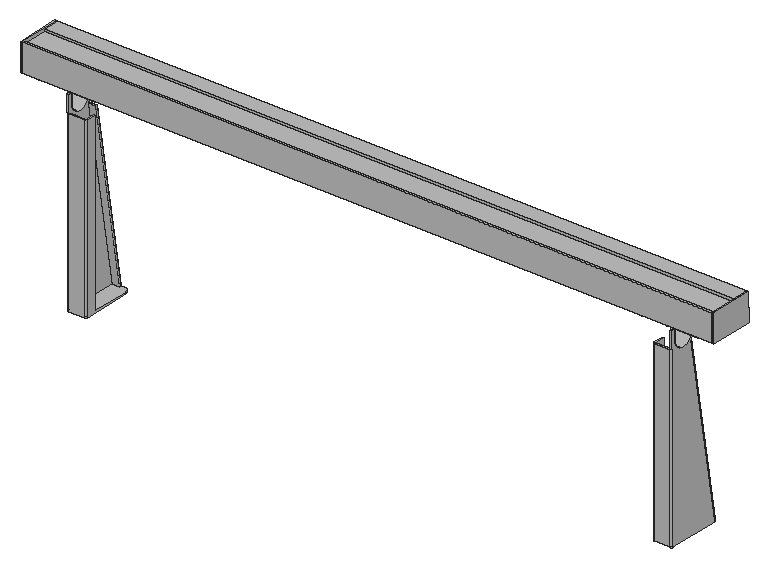
Revit family "4070758+4070747+4070772 Feilo Sylvania Lighting Fixtures CURSUS 876MM 620LM OVAL LED 3K with SINGLE WALL HOUSING with 250MM WALL BRACKET", category Lighting Fixtures, host Face, Revit 2017
Family settings
  Host = Face
  Round Connector Dimension = Use Diameter
  Part Type = Normal
  OmniClass Number = 23.80.70.14
  OmniClass Title = Luminaries for External Lighting
  Cut with Voids When Loaded = Yes
  Light Source = No
  Shared = No
  Room Calculation Point = No
Parameters (values of type "4070758 CURSUS 876MM 620LM OVAL LED 3K")
  Weight = "1.7 kg"
  Wattage Comments = "n/a"
  WarrantyStartDate [instance] = "n/a"
  WarrantyGuarantorParts = "n/a"
  WarrantyDurationUnit = "n/a"
  WarrantyDurationParts = "n/a"
  WarrantyDescription = "n/a"
  Voltage = 24 V
  URL = "http://www.sylvania-lighting.com"
  TypeName = "CURSUS 876MM 620LM OVAL LED 3K"
  TypeFixture_FEILO = CURSUS with SINGLE WALL HOUSING : CURSUS 876MM 620LM OVAL LED 3K
  Type Image = <None>
  Type Comments = "n/a"
  TiltAngle [instance] = 0.00°
  StartAngle [instance] = TiltAngle + 270.00°  # 270.00°
  SerialNumber [instance] = "n/a"
  ReflectorMaterial = none
  PowerFactor = 0
  PowerConsumption = "13.5 W"
  NominalLength = 876 mm
  NominalHeight = 50 mm
  NominalDepth = 30 mm
  Name = "CURSUS 876MM 620LM OVAL LED 3K"
  ModelReference = Name  # "CURSUS 876MM 620LM OVAL LED 3K"
  ModelNumber = "4070758"
  Model = Name  # "CURSUS 876MM 620LM OVAL LED 3K"
  Material = "natural anodised extruded aluminium structure housing, optical system with pmma lenses diffuser"
  ManufacturerName = "Feilo Sylvania"
  Manufacturer = "Feilo Sylvania"
  LuminousEfficacy = "45.92 lm/W"
  LuminaireType = ""
  LightOutputRatio = "100"
  LampsType = Lamp  # "LED"
  LampNominalLuminous = "620 lm"
  LampMacAdamStep = "n/a"
  LampColourTemperature = "3000 K"
  LampColourRenderingIndex = "80"
  Lamp = "LED"
  Keynote = "16500"
  InstallationDate [instance] = "n/a"
  InputVoltage = "24V DC"
  InputNominalFrequency = "50/60 Hz"
  IngressProtection = "IP67"
  ImpactProtectionIndex = "IK07"
  IfcExportType = "IfcLightFixtureType"
  IfcExportAs = "IfcLightFixtureType"
  ExpectedLife = 50000
  EndAngle [instance] = StartAngle - 180.00°  # 90.00°
  ElectricShockClassification = "Class III"
  DurationUnit = "hours"
  DocumentationLiterature = "http://www.sylvania-lighting.com/product/en-int/products/4070758"
  DimmingControlOptions = "n/a"
  DiffuserMaterial = Diffuser-Sylvania-Glow
  Description = "LED Exterior Lighting Recessed Surface Mounted Linear Fixture, Natural anodised extruded aluminium structure. Die-cast aluminium end caps. Installation kit with harmonic steel springs., 620 lm, 13,5W, 45lm/W, 3000K, CRI80+,non dimmable,IP67, IK07, (HxWxD) 876x50x30mm, 3 step Mac Adam Ellipse, 1.7kg,, Classe III, 21-25V-DC, energy class : A++, A+, A"
  Default Elevation = 1219.2 mm
  CreatedOn = "1/8/2018"
  CreatedBy = ""
  Cost = 0
  built-in parameter 1114216 [instance] = (empty or 0)
  ClassificationValue = "EF_70_80"
  ClassificationName = "Uniclass2015"
  BracketWidth = 24 mm
  BracketThickness = 2 mm
  BracketHeightEnd = 32 mm
  BracketHeight = 70 mm
  BracketFlange = BracketHeight / 5  # 14 mm
  BracketExtension = 250 mm
  BracketEndReduction = 25 mm
  BracketC = 22 mm  # constant formula
  BracketDistance = 745 mm
  BracketD = BracketHeightEnd - (BracketC * (BracketHeight - BracketHeightEnd) / (BracketExtension - BracketEndReduction))  # 28.284 mm
  BodyMaterial = Body-Sylvania-Gray
  BarCode [instance] = "n/a"
  AssetType = "Fixed"
  AssetIdentifier [instance] = "n/a"
  Assembly Code = "D5020200"
  Apparent Load = 13.5 VA
  AccessoryMaterial = Diffuser-Sylvania-Glow
Reference planes
  plane 1 "Center (Front/Back)": y = 0
  plane 2: z = 0
  plane 3 "Center (Left/Right)": x = 0
  plane 4: x = -384.5
  plane 5: x = 384.5
  plane 6: y = 70
  plane 7: x = -360.5
  plane 8: x = 360.5
  plane 9: z = 250
  plane 10: z = 236
  plane 11: z = 2
  plane 12: z = 225
  plane 13: x = -382.5
  plane 14: y = 68
  plane 15: y = 2
  plane 16: x = -362.5
  plane 17: x = 362.5
  plane 18: x = 382.5
  plane 19: x = -372.5
  plane 20: x = 372.5
  plane 21: y = 14
  plane 22: y = 32
  plane 23: y = 30
  plane 24: z = 247
  plane 25: y = 28.284
  plane 26: y = 16
Forms (mm)
  Blend 1, solid, material "Body-Sylvania-Gray" <- "BodyMaterial"
    base sketch origin (1223.4, -4572, 2) x (0, -1, 0) y (1, 0, 0)
      loop
        line (-4640, -1595.9) -> (-4642, -1595.9) -> (-4642, -1605.9)
        arc (-4642, -1605.9) -> (-4641.414, -1607.314) -> (-4640, -1607.9) r 2
        line (-4640, -1607.9) -> (-4574, -1607.9)
        arc (-4574, -1607.9) -> (-4572.586, -1607.314) -> (-4572, -1605.9) r 2
        line (-4572, -1605.9) -> (-4572, -1585.9)
        arc (-4572, -1585.9) -> (-4572.586, -1584.486) -> (-4574, -1583.9) r 2
        line (-4574, -1583.9) -> (-4586, -1583.9) -> (-4586, -1585.9) -> (-4574, -1585.9) -> (-4574, -1605.9) -> (-4640, -1605.9) -> (-4640, -1595.9)
    top sketch origin (1223.4, -4572, 2) x (0, -1, 0) y (1, 0, 0)
      loop
        line (-4586, -1585.9) -> (-4574, -1585.9) -> (-4574, -1605.9) -> (-4602, -1605.9) -> (-4602, -1595.9) -> (-4604, -1595.9) -> (-4604, -1605.9)
        arc (-4604, -1605.9) -> (-4603.52, -1607.21) -> (-4602.309, -1607.9) r 2.028
        line (-4602.309, -1607.9) -> (-4574, -1607.9)
        arc (-4574, -1607.9) -> (-4572.586, -1607.314) -> (-4572, -1605.9) r 2
        line (-4572, -1605.9) -> (-4572, -1585.9)
        arc (-4572, -1585.9) -> (-4572.586, -1584.486) -> (-4574, -1583.9) r 2
        line (-4574, -1583.9) -> (-4586, -1583.9) -> (-4586, -1585.9)
    from 0 to 223
  Extrusion 2, solid, material "Body-Sylvania-Gray" <- "BodyMaterial"
    sketch origin (0, 0, 0) x (1, 0, 0) y (0, 1, 0)
      loop
        arc (-382.5, 70) -> (-383.914, 69.414) -> (-384.5, 68) r 2
        line (-384.5, 68) -> (-384.5, 2)
        arc (-384.5, 2) -> (-383.914, 0.586) -> (-382.5, 0) r 2
        line (-382.5, 0) -> (-362.5, 0)
        arc (-362.5, 0) -> (-361.086, 0.586) -> (-360.5, 2) r 2
        line (-360.5, 2) -> (-360.5, 62.5)
        arc (-360.5, 62.5) -> (-362.697, 67.803) -> (-368, 70) r 7.5
        line (-368, 70) -> (-382.5, 70)
      loop
        line (382.5, 70) -> (368, 70)
        arc (368, 70) -> (362.697, 67.803) -> (360.5, 62.5) r 7.5
        line (360.5, 62.5) -> (360.5, 2)
        arc (360.5, 2) -> (361.086, 0.586) -> (362.5, 0) r 2
        line (362.5, 0) -> (382.5, 0)
        arc (382.5, 0) -> (383.914, 0.586) -> (384.5, 2) r 2
        line (384.5, 2) -> (384.5, 68)
        arc (384.5, 68) -> (383.914, 69.414) -> (382.5, 70) r 2
    from 0 to 2
  Blend 3, solid, material "Body-Sylvania-Gray" <- "BodyMaterial"
    base sketch origin (1223.4, -4572, 2) x (0, -1, 0) y (1, 0, 0)
      loop
        line (-4640, -840.9) -> (-4574, -840.9) -> (-4574, -860.9) -> (-4586, -860.9) -> (-4586, -862.9) -> (-4574, -862.9)
        arc (-4574, -862.9) -> (-4572.586, -862.314) -> (-4572, -860.9) r 2
        line (-4572, -860.9) -> (-4572, -840.9)
        arc (-4572, -840.9) -> (-4572.586, -839.486) -> (-4574, -838.9) r 2
        line (-4574, -838.9) -> (-4640, -838.9)
        arc (-4640, -838.9) -> (-4641.414, -839.486) -> (-4642, -840.9) r 2
        line (-4642, -840.9) -> (-4642, -850.9) -> (-4640, -850.9) -> (-4640, -840.9)
    top sketch origin (1223.4, -4572, 2) x (0, -1, 0) y (1, 0, 0)
      loop
        line (-4602, -850.9) -> (-4602, -840.9) -> (-4574, -840.9) -> (-4574, -860.9) -> (-4586, -860.9) -> (-4586, -862.9) -> (-4574, -862.9)
        arc (-4574, -862.9) -> (-4572.586, -862.314) -> (-4572, -860.9) r 2
        line (-4572, -860.9) -> (-4572, -840.9)
        arc (-4572, -840.9) -> (-4572.586, -839.486) -> (-4574, -838.9) r 2
        line (-4574, -838.9) -> (-4602, -838.9)
        arc (-4602, -838.9) -> (-4603.414, -839.486) -> (-4604, -840.9) r 2
        line (-4604, -840.9) -> (-4604, -850.9) -> (-4602, -850.9)
    from 0 to 223
  Blend 4, solid, material "Body-Sylvania-Gray" <- "BodyMaterial"
    base sketch origin (1223.4, -4572, 225) x (0, -1, 0) y (1, 0, 0)
      loop
        line (-4604, -1607.9) -> (-4572, -1607.9) -> (-4572, -1605.9) -> (-4604, -1605.9) -> (-4604, -1607.9)
    top sketch origin (1223.4, -4572, 225) x (0, -1, 0) y (1, 0, 0)
      loop
        line (-4572, -1607.9) -> (-4572, -1605.9) -> (-4600.284, -1605.9) -> (-4600.284, -1607.9) -> (-4572, -1607.9)
    from 0 to 22
  Blend 5, solid, material "Body-Sylvania-Gray" <- "BodyMaterial"
    base sketch origin (1223.4, -4572, 225) x (0, -1, 0) y (1, 0, 0)
      loop
        line (-4604, -840.9) -> (-4572, -840.9) -> (-4572, -838.9) -> (-4604, -838.9) -> (-4604, -840.9)
    top sketch origin (1223.4, -4572, 225) x (0, -1, 0) y (1, 0, 0)
      loop
        line (-4572, -838.9) -> (-4600.284, -838.9) -> (-4600.284, -840.9) -> (-4572, -840.9) -> (-4572, -838.9)
    from 0 to 22
  Extrusion 6, void
    sketch origin (0, 0, 0) x (0, 1, 0) y (0, 0, 1)
      loop
        line (0, 225) -> (2, 225) -> (2, 226.5) -> (0, 226.5) -> (0, 225)
      loop
        line (32, 225) -> (32, 226.5) -> (30, 226.5) -> (30, 225) -> (32, 225)
    from -384.5 to 384.5
  Revolve 7, solid, not visible
    sketch origin (1524, 16, 1219.2) x (1, 0, 0) y (0, 0, 1)
      loop
        line (-1524, -972.2) -> (-1524, -983.2) -> (-1151.5, -983.2) -> (-1151.5, -972.2) -> (-1524, -972.2)
      axis (-1151.5, -983.2) -> (-1524, -983.2)
    angle from 270 <- "StartAngle" to 90 <- "EndAngle"
Cuts and joins
  Extrusion 6 cuts Blend 4
  Extrusion 6 cuts Blend 5
  joined: Blend 1, Extrusion 2, Blend 3, Blend 4, Blend 5
Lines and regions (mm)
  reference lines, not visible
    curve 1: line (-360.5, 16, 236) -> (360.5, 16, 236)
Dimensions and locks
  equal spacing: plane 4, plane 3 "Center (Left/Right)", plane 5
  "BracketDistance": plane 19 to plane 20
  "BracketHeight": plane 1 "Center (Front/Back)" to plane 6
  equal spacing: plane 7, plane 3 "Center (Left/Right)", plane 8
  "BracketWidth": plane 4 to plane 7
  "BracketExtension": plane 9 to plane 2
  "BracketThickness": plane 11 to plane 2
  "BracketEndReduction": plane 9 to plane 12
  equal spacing: plane 13, plane 3 "Center (Left/Right)", plane 18
  equal spacing: plane 16, plane 3 "Center (Left/Right)", plane 17
  "BracketThickness": plane 4 to plane 13
  "BracketThickness": plane 16 to plane 7
  "BracketThickness": plane 14 to plane 6
  "BracketThickness": plane 1 "Center (Front/Back)" to plane 15
  equal spacing: plane 4, plane 19, plane 7
  equal spacing: plane 8, plane 20, plane 5
  "BracketFlange": plane 1 "Center (Front/Back)" to plane 21
  "BracketHeightEnd": plane 1 "Center (Front/Back)" to plane 22
  "BracketThickness": plane 23 to plane 22
  locked: Extrusion 2 sketch curve to plane 7 at 7.5
  locked: Extrusion 2 sketch curve to plane 6 at 7.5  (x2)
  locked: plane 8 to Extrusion 2 sketch curve at 7.5
  "BracketC": plane 24 to plane 12
  "BracketD": plane 1 "Center (Front/Back)" to plane 25
  locked: plane 12 to Extrusion 6 sketch curve at 1.5
  equal spacing: plane 24, plane 10, plane 12
  equal spacing: plane 1 "Center (Front/Back)", plane 26, plane 22
  aligned and locked: plane 2 to host face
  aligned and locked: level to host face
  aligned and locked: plane 4 to Blend 1 sketch curve  (x2)
  aligned and locked: plane 13 to Blend 1 sketch curve  (x3)
  aligned and locked: Blend 1 sketch curve to plane 15
  aligned and locked: Blend 1 sketch curve to plane 16
  aligned and locked: Blend 1 sketch curve to plane 21
  aligned and locked: plane 7 to Blend 1 sketch curve
  aligned and locked: plane 16 to Blend 1 sketch curve
  aligned and locked: plane 1 "Center (Front/Back)" to Blend 1 sketch curve
  aligned and locked: plane 14 to Blend 1 sketch curve
  aligned and locked: Blend 1 sketch curve to var sketch  (x6)
  aligned and locked: Blend 1 sketch curve to plane 19
  aligned and locked: Blend 1 sketch curve to plane 22
  aligned and locked: plane 23 to Blend 1 sketch curve
  aligned and locked: plane 11 to Blend 1
  aligned and locked: Extrusion 2 sketch curve to Blend 1  (x3)
  aligned and locked: Extrusion 2 to level
  aligned and locked: Extrusion 2 to plane 11
  aligned and locked: Extrusion 2 sketch curve to plane 7
  aligned and locked: plane 18 to Blend 3 sketch curve  (x4)
  aligned and locked: plane 14 to Blend 3 sketch curve  (x2)
  aligned and locked: Blend 3 sketch curve to plane 20
  aligned and locked: Blend 3 sketch curve to plane 6
  aligned and locked: plane 5 to Blend 3 sketch curve
  aligned and locked: plane 1 "Center (Front/Back)" to Blend 3 sketch curve
  aligned and locked: plane 15 to Blend 3 sketch curve  (x2)
  aligned and locked: Blend 3 sketch curve to plane 8
  aligned and locked: Blend 3 sketch curve to plane 21
  aligned and locked: plane 17 to Blend 3 sketch curve
  aligned and locked: Blend 3 sketch curve to plane 18
  aligned and locked: plane 20 to Blend 3 sketch curve  (x2)
  aligned and locked: Blend 3 sketch curve to plane 23
  aligned and locked: Blend 3 sketch curve to var sketch  (x8)
  aligned and locked: var sketch to Blend 3 sketch curve
  aligned and locked: plane 22 to Blend 3 sketch curve
  aligned and locked: plane 11 to Blend 3
  aligned and locked: Extrusion 2 sketch curve to Blend 3  (x4)
  aligned and locked: Blend 1 to plane 12
  aligned and locked: Blend 3 to plane 12
  aligned and locked: Blend 4 sketch curve to plane 22
  aligned and locked: Blend 4 sketch curve to cut or joined group of Blend 1, Extrusion 2, Blend 3, Blend 4, Blend 5, Extrusion 6  (x2)
  aligned and locked: cut or joined group of Blend 1, Extrusion 2, Blend 3, Blend 4, Blend 5, Extrusion 6 to Blend 4 sketch curve
  aligned and locked: Blend 4 sketch curve to var sketch  (x2)
  aligned and locked: Blend 4 sketch curve to plane 13
  aligned and locked: Blend 4 to plane 24
  aligned and locked: Blend 4 sketch curve to plane 25
  aligned and locked: Blend 5 sketch curve to plane 18  (x2)
  aligned and locked: plane 1 "Center (Front/Back)" to Blend 5 sketch curve
  aligned and locked: plane 5 to Blend 5 sketch curve
  aligned and locked: plane 22 to Blend 5 sketch curve
  aligned and locked: Blend 5 sketch curve to var sketch
  aligned and locked: var sketch to Blend 5 sketch curve
  aligned and locked: Blend 5 sketch curve to plane 25
  aligned and locked: Blend 5 to plane 24
  aligned and locked: plane 12 to Blend 5
  aligned and locked: Extrusion 6 sketch curve to cut or joined group of Blend 1, Extrusion 2, Blend 3, Blend 4, Blend 5, Extrusion 6  (x2)
  aligned and locked: Extrusion 6 sketch curve to Extrusion 6 sketch curve
  aligned and locked: Extrusion 6 sketch curve to plane 15
  aligned and locked: plane 5 to Extrusion 6
  aligned and locked: Extrusion 6 to plane 4
  aligned and locked: Extrusion 6 sketch curve to plane 23
  aligned and locked: Revolve 7 sketch curve to plane 10  (x2)
  aligned and locked: plane 24 to Revolve 7 sketch curve
  aligned and locked: plane 3 "Center (Left/Right)" to Revolve 7 sketch curve
  aligned and locked: Revolve 7 sketch curve to plane 20
  aligned and locked: plane 7 to curve 1
  aligned and locked: plane 10 to curve 1
  aligned and locked: nested 1 to plane 5
  aligned and locked: nested 2 to plane 4
  aligned and locked: nested 1 to curve 1
  aligned and locked: nested 2 to curve 1
  aligned and locked: nested 1 to nested 3
  aligned and locked: nested 3 to plane 3 "Center (Left/Right)"
Automatic sketch dimensions
  host sketch curve to host sketch curve = 2438.4 mm  (x2)
  Blend 1 sketch curve to plane 13 = 0 mm
  plane 15 to Blend 1 sketch curve = 0 mm  (x3)
  Blend 1 sketch curve to plane 23 = 0.309 mm
  plane 6 to Blend 1 sketch curve = 0 mm
  plane 14 to Blend 1 sketch curve = 0 mm
  Blend 1 sketch curve to plane 19 = 0 mm
  Blend 3 sketch curve to plane 17 = 0 mm
  Extrusion 6 sketch curve to plane 1 "Center (Front/Back)" = 0 mm
  plane 12 to Extrusion 6 sketch curve = 0 mm
  Revolve 7 sketch curve to plane 4 = 1153 mm
  plane 5 to Revolve 7 sketch curve = 1161.4 mm
  curve 1 to plane 8 = 0 mm
Nested families
  nested 1: "MountingPlate" at (383.5, 16, 236) x (-1, 0, 0) z (0, 0, 1), type "MountingPlate"
  nested 2: "MountingPlate" at (-383.5, 16, 236) x (-1, 0, 0) z (0, 0, 1), type "MountingPlate"
  nested 3: "CURSUS with SINGLE WALL HOUSING" at (0, -4, 254) x (-1, 0, 0) z (0, 0, 1), type <- "TypeFixture_FEILO", type "CURSUS 876MM 620LM OVAL LED 3K"
    with WarrantyStartDate "n/a", SerialNumber "n/a", InstallationDate "n/a", EndCapRight yes, EndCapLeft yes, built-in parameter 1114216 (empty or 0), BarCode "n/a", AssetIdentifier "n/a"
Connectors
  electrical at (0, 0, 0), driven by "Voltage", driven by "Apparent Load", driven by "PowerFactor"
    settings: index 1, voltage 24 V, apparent load 13.5 VA, apparent load phase1 0 VA, apparent load phase2 0 VA, apparent load phase3 0 VA, power factor 0, load classification "Other", number of poles 1, system type 30, power factor state 1, is connector primary yes, connector utility no, sub classification motor no, connector description ""
Definition of nested family "MountingPlate"
  Parameters (values of type "MountingPlate")
    URL = "http://www.feilosylvania.com"
    Type Comments = "n/a"
    ReflectorMaterial = none
    MountingPlateWidth = 76 mm
    MountingPlateThickness = 2 mm
    MountingPlateRadiusBack = 12 mm
    MountingPlateRadius = 3 mm
    MountingPlateHeight = 35 mm
    Model = "n/a"
    Manufacturer = "Feilo Sylvania"
    Keynote = "n/a"
    DiffuserMaterial = none
    Description = "n/a"
    Default Elevation = 1219.2 mm
    Cost = 0
    BodyMaterial = none
    Assembly Code = "n/a"
    AccessoryMaterial = none
  Reference planes
    plane 1 "Center (Front/Back)": y = 0
    plane 2: z = 0
    plane 3 "Center (Left/Right)": x = 0
    plane 4: x = -38
    plane 5: x = 38
    plane 6: y = 17.5
    plane 7: y = -17.5
    plane 8: x = -3
    plane 9: x = 3
    plane 10: z = 18
    plane 11: z = 16
    plane 12: y = 12.5
    plane 13: y = -12.5
    plane 14: x = -1
    plane 15: x = 1
    plane 16: z = -12.5
    plane 17: z = -14.5
  Forms (mm)
    Extrusion 1, solid
      sketch origin (1.653, 0, 0) x (1, 0, 0) y (0, 1, 0)
        loop
          line (-1219.2, 1219.2) -> (-1219.2, -1219.2) -> (1219.2, -1219.2) -> (1219.2, 1219.2) -> (-1219.2, 1219.2)
      from 0 to -304.8
    Extrusion 2, solid, material <- "BodyMaterial"
      sketch origin (1218.4, -4572, 16) x (0, -1, 0) y (-1, 0, 0)
        loop
          line (-4589.5, 1253.4) -> (-4589.5, 1224.4)
          arc (-4589.5, 1224.4) -> (-4588.621, 1222.279) -> (-4586.5, 1221.4) r 3
          line (-4586.5, 1221.4) -> (-4557.5, 1221.4)
          arc (-4557.5, 1221.4) -> (-4555.379, 1222.279) -> (-4554.5, 1224.4) r 3
          line (-4554.5, 1224.4) -> (-4554.5, 1253.4)
          arc (-4554.5, 1253.4) -> (-4555.379, 1255.521) -> (-4557.5, 1256.4) r 3
          line (-4557.5, 1256.4) -> (-4586.5, 1256.4)
          arc (-4586.5, 1256.4) -> (-4588.621, 1255.521) -> (-4589.5, 1253.4) r 3
        loop
          arc (-4589.5, 1183.4) -> (-4588.621, 1181.279) -> (-4586.5, 1180.4) r 3
          line (-4586.5, 1180.4) -> (-4557.5, 1180.4)
          arc (-4557.5, 1180.4) -> (-4555.379, 1181.279) -> (-4554.5, 1183.4) r 3
          line (-4554.5, 1183.4) -> (-4554.5, 1212.4)
          arc (-4554.5, 1212.4) -> (-4555.379, 1214.521) -> (-4557.5, 1215.4) r 3
          line (-4557.5, 1215.4) -> (-4586.5, 1215.4)
          arc (-4586.5, 1215.4) -> (-4588.621, 1214.521) -> (-4589.5, 1212.4) r 3
          line (-4589.5, 1212.4) -> (-4589.5, 1183.4)
      from 0 to -2
    Extrusion 3, solid, material <- "BodyMaterial"
      sketch origin (0, 0, 0) x (1, 0, 0) y (0, 0, 1)
        loop
          line (-3, 18) -> (-3, -12.5) -> (-1, -12.5) -> (-1, 16)
          arc (-1, 16) -> (-1.586, 17.414) -> (-3, 18) r 2
        loop
          line (3, -12.5) -> (3, 18)
          arc (3, 18) -> (1.586, 17.414) -> (1, 16) r 2
          line (1, 16) -> (1, -12.5) -> (3, -12.5)
      from -12.5 to 12.5
    Extrusion 4, void
      sketch origin (0, 0, 0) x (0, 1, 0) y (0, 0, 1)
        loop
          line (-12.5, -0.5) -> (-17.5, -0.5) -> (-17.5, -14.5) -> (-0.5, -14.5) -> (-0.5, -12.5)
          arc (-0.5, -12.5) -> (-8.985, -8.985) -> (-12.5, -0.5) r 12
        loop
          line (0.5, -12.5) -> (0.5, -14.5) -> (17.5, -14.5) -> (17.5, -0.5) -> (12.5, -0.5)
          arc (12.5, -0.5) -> (8.985, -8.985) -> (0.5, -12.5) r 12
      from -3 to 3
  Cuts and joins
    Extrusion 4 cuts Extrusion 2
    Extrusion 4 cuts Extrusion 3
    joined: Extrusion 2, Extrusion 3
  Lines and regions (mm)
    reference lines
      curve 1: line (-38, 0, 0) -> (38, 0, 0)
  Dimensions and locks
    equal spacing: plane 4, plane 3 "Center (Left/Right)", plane 5
    "MountingPlateWidth": plane 4 to plane 5
    equal spacing: plane 7, plane 1 "Center (Front/Back)", plane 6
    "MountingPlateHeight": plane 7 to plane 6
    equal spacing: plane 8, plane 3 "Center (Left/Right)", plane 9
    "MountingPlateHeight": plane 4 to plane 8
    locked: plane 10 to plane 2 at 18
    "MountingPlateThickness": plane 10 to plane 11
    equal spacing: plane 13, plane 1 "Center (Front/Back)", plane 12
    locked: plane 13 to plane 12 at 25
    "MountingPlateRadius": plane 4 to Extrusion 2 sketch curve  (x2)
    "MountingPlateRadius": Extrusion 2 sketch curve to plane 6  (x4)
    "MountingPlateRadius": Extrusion 2 sketch curve to plane 8  (x2)
    "MountingPlateRadius": plane 7 to Extrusion 2 sketch curve  (x4)
    "MountingPlateRadius": plane 9 to Extrusion 2 sketch curve  (x2)
    "MountingPlateRadius": Extrusion 2 sketch curve to plane 5  (x2)
    equal spacing: plane 15, plane 3 "Center (Left/Right)", plane 14
    "MountingPlateThickness": plane 14 to plane 8
    locked: plane 2 to plane 16 at 12.5
    locked: plane 17 to plane 16 at 2
    "MountingPlateRadiusBack": plane 13 to Extrusion 4 sketch curve
    "MountingPlateRadiusBack": plane 16 to Extrusion 4 sketch curve  (x2)
    "MountingPlateRadiusBack": Extrusion 4 sketch curve to plane 12
    aligned and locked: plane 2 to Extrusion 1
    aligned and locked: level to Extrusion 1
    aligned and locked: Extrusion 2 sketch curve to plane 6
    aligned and locked: Extrusion 2 sketch curve to plane 4
    aligned and locked: plane 7 to Extrusion 2 sketch curve
    aligned and locked: plane 8 to Extrusion 2 sketch curve
    aligned and locked: plane 6 to Extrusion 2 sketch curve
    aligned and locked: Extrusion 2 sketch curve to plane 5
    aligned and locked: Extrusion 2 sketch curve to plane 7
    aligned and locked: plane 9 to Extrusion 2 sketch curve
    aligned and locked: Extrusion 2 to plane 10
    aligned and locked: plane 11 to Extrusion 2
    aligned and locked: Extrusion 3 sketch curve to Extrusion 2  (x2)
    aligned and locked: plane 16 to Extrusion 3 sketch curve  (x2)
    aligned and locked: plane 14 to Extrusion 3 sketch curve
    aligned and locked: plane 9 to Extrusion 3 sketch curve
    aligned and locked: plane 15 to Extrusion 3 sketch curve
    aligned and locked: Extrusion 3 to plane 12
    aligned and locked: plane 13 to Extrusion 3
    aligned and locked: plane 17 to Extrusion 4 sketch curve  (x2)
    aligned and locked: Extrusion 4 sketch curve to plane 7
    aligned and locked: Extrusion 4 sketch curve to plane 6
    aligned and locked: plane 9 to Extrusion 4
    aligned and locked: Extrusion 4 to plane 8
    aligned and locked: plane 4 to curve 1
    aligned and locked: curve 1 to level
  Automatic sketch dimensions
    Extrusion 1 sketch curve to Extrusion 1 sketch curve = 2438.4 mm  (x2)
    Extrusion 3 sketch curve to plane 11 = 0 mm
    curve 1 to plane 5 = 0 mm
    Extrusion 4 sketch curve to plane 13 = 0 mm
    Extrusion 4 sketch curve to plane 12 = 0 mm
Definition of nested family "CURSUS with SINGLE WALL HOUSING"
  Parameters (values of type "CURSUS 1161MM 827LM OVAL LED 3K")
    Width_FEILO = 35 mm
    Weight = "2.2 kg"
    Wattage Comments = "n/a"
    Wattage = 18 W
    WarrantyStartDate [instance] = "n/a"
    WarrantyGuarantorParts = "n/a"
    WarrantyDurationUnit = "n/a"
    WarrantyDurationParts = "n/a"
    WarrantyDescription = "n/a"
    WallThickness_FEILO = 2.5 mm
    built-in parameter 1150110 = 1 (stored number, unit not read)
    Voltage = 24 V
    URL = "http://www.feilosylvania.com"
    TypeName = "CURSUS 1161MM 827LM OVAL LED 3K"
    Type Image = (empty or 0)
    Type Comments = "n/a"
    built-in parameter 1114217 = 1 (stored number, unit not read)
    Tilt Angle = -90.00°
    built-in parameter 1150109 = 1 (stored number, unit not read)
    built-in parameter 1150134 = (empty or 0)
    built-in parameter 1150113 = 1 (stored number, unit not read)
    SerialNumber [instance] = "n/a"
    ReflectorMaterial = none
    PowerFactor = 0
    PowerConsumption = "18 W"
    Photometric Web File = "4070765.ies"
    NominalLength = 1161 mm
    NominalHeight = 50 mm
    NominalDepth = 30 mm
    Name = "CURSUS 1161MM 827LM OVAL LED 3K"
    ModelReference = Name  # "CURSUS 1161MM 827LM OVAL LED 3K"
    ModelNumber = ""
    Model = Name  # "CURSUS 1161MM 827LM OVAL LED 3K"
    Material = "natural anodised extruded aluminium structure housing, optical system with pmma lenses diffuser"
    ManufacturerName = "Feilo Sylvania"
    Manufacturer = "Feilo Sylvania"
    LuminousEfficacy = "45.94 lm/W"
    built-in parameter 1150105 = 1166.5 (stored number, unit not read)
    Lumens = 827 lm
    LuminaireType = ""
    built-in parameter 1150115 = 1 (stored number, unit not read)
    LightOutputRatio = "100"
    built-in parameter 1150137 = (empty or 0)
    built-in parameter 1150139 = (empty or 0)
    Length_FEILO = 1167 mm
    LampsType = Lamp  # "LED"
    LampNominalLuminous = "827 lm"
    LampMacAdamStep = "n/a"
    LampColourTemperature = "3000 K"
    LampColourRenderingIndex = "80"
    built-in parameter 1150112 = 1 (stored number, unit not read)
    built-in parameter 1150114 = 1 (stored number, unit not read)
    Lamp = "LED"
    Keynote = "16500"
    InstallationDate [instance] = "n/a"
    InputVoltage = "24V DC"
    InputNominalFrequency = "n/a"
    built-in parameter 1150132 = (empty or 0)
    built-in parameter 1150102 = (empty or 0)
    built-in parameter 1150107 = 3000 (stored number, unit not read)
    built-in parameter 1150138 = (empty or 0)
    IngressProtection = "IP67"
    ImpactProtectionIndex = "IK07"
    built-in parameter 1150106 = 11.665 (stored number, unit not read)
    IfcExportType = "IfcLightFixtureType"
    IfcExportAs = "IfcLightFixtureType"
    ExpectedLife = 50000
    EndCapRight [instance] = yes
    EndCapLeft [instance] = yes
    Emit from Rectangle Width = Width_FEILO - WallThickness_FEILO * 2  # 30 mm
    Emit from Rectangle Length = Length_FEILO - WallThickness_FEILO * 2  # 1162 mm
    Emit Shape Visible in Rendering = no
    ElectricShockClassification = "Class III"
    built-in parameter 1150104 = 4.2684 (stored number, unit not read)
    DurationUnit = "hours"
    DocumentationLiterature = "http://www.feilosylvania.com/product/en-int/products/4070765"
    DimmingControlOptions = "n/a"
    Dimming Lamp Color Temperature Shift = (empty or 0)
    DiffuserMaterial = none
    Description = "LED Exterior Lighting Recessed Surface Mounted Linear Fixture, Natural anodised extruded aluminium structure. Die-cast aluminium end caps. Installation kit with harmonic steel springs., 827 lm, 18W, 45lm/W, 3000K, CRI80+,non dimmable,IP67, IK07, (HxWxD) 1161x50x30mm, 3 step Mac Adam Ellipse, 2.2kg,, Classe III, 21-25V-DC, energy class : A++, A+, A"
    Default Elevation = 1219.2 mm
    CreatedOn = "1/8/2018"
    CreatedBy = "aron.fodor@feilosylvania.com"
    Cost = 0
    Color Filter = 16777215
    built-in parameter 1114216 [instance] = (empty or 0)
    ClassificationValue = "EF_70_80"
    ClassificationName = "Uniclass2015"
    BodyMaterial = none
    BarCode [instance] = "n/a"
    built-in parameter 1114218 = 1 (stored number, unit not read)
    built-in parameter 1150133 = 10 (stored number, unit not read)
    AssetType = "Fixed"
    AssetIdentifier [instance] = "n/a"
    Assembly Code = "D5020200"
    Apparent Load = 18 VA
    AccessoryMaterial = none
  Types (16, lengths in mm): name | Weight | Wattage | Voltage | TypeName | built-in parameter 1150134 | PowerConsumption | Photometric Web File | NominalLength | Name | ModelReference | Model | Material | LuminousEfficacy | built-in parameter 1150105 | Lumens | Length_FEILO | LampNominalLuminous | LampColourTemperature | InputVoltage | InputNominalFrequency | built-in parameter 1150107 | built-in parameter 1150106 | Emit from Rectangle Length | built-in parameter 1150104 | DocumentationLiterature | Description | Apparent Load
    CURSUS 1161MM 827LM OVAL LED 3K | "2.2 kg" | 18 W | 24 V | "CURSUS 1161MM 827LM OVAL LED 3K" | (empty or 0) | "18 W" | "4070765.ies" | 1161 | "CURSUS 1161MM 827LM OVAL LED 3K" | "CURSUS 1161MM 827LM OVAL LED 3K" | "CURSUS 1161MM 827LM OVAL LED 3K" | "natural anodised extruded aluminium structure housing, optical system with pmma lenses diffuser" | "45.94 lm/W" | 1166.5 (stored number, unit not read) | 827 lm | 1167 | "827 lm" | "3000 K" | "24V DC" | "n/a" | 3000 (stored number, unit not read) | 11.665 (stored number, unit not read) | 1162 | 4.2684 (stored number, unit not read) | "http://www.feilosylvania.com/product/en-int/products/4070765" | "LED Exterior Lighting Recessed Surface Mounted Linear Fixture, Natural anodised extruded aluminium structure. Die-cast aluminium end caps. Installation kit with harmonic steel springs., 827 lm, 18W, 45lm/W, 3000K, CRI80+,non dimmable,IP67, IK07, (HxWxD) 1161x50x30mm, 3 step Mac Adam Ellipse, 2.2kg,, Classe III, 21-25V-DC, energy class : A++, A+, A" | 18 VA
    CURSUS 1161MM 731LM WIDE LED 3K | "2.2 kg" | 18 W | 230 V | "CURSUS 1161MM 731LM WIDE LED 3K" | (empty or 0) | "18 W" | "4070764.ies" | 1161 | "CURSUS 1161MM 731LM WIDE LED 3K" | "CURSUS 1161MM 731LM WIDE LED 3K" | "CURSUS 1161MM 731LM WIDE LED 3K" | "natural anodised extruded aluminium structure housing" | "40.61 lm/W" | 403.47 (stored number, unit not read) | 731 lm | 1167 | "731 lm" | "3000 K" | "220-240V~" | "n/a" | 3000 (stored number, unit not read) | 4.0347 (stored number, unit not read) | 1162 | 3.7729 (stored number, unit not read) | "http://www.feilosylvania.com/product/en-int/products/4070764" | "LED Exterior Lighting Recessed Surface Mounted Linear Fixture, Natural anodised extruded aluminium structure. Die-cast aluminium end caps. Installation kit with harmonic steel springs., 731 lm, 18W, 40lm/W, 3000K, CRI80+,non dimmable,IP67, IK07, (HxWxD) 1161x50x30mm, 3 step Mac Adam Ellipse, 2.2kg,, Classe III, 21-25V-DC, energy class : A++, A+, A" | 18 VA
    CURSUS 1161MM 871LM OVAL LED 4K | "2.2 kg" | 18 W | 24 V | "CURSUS 1161MM 871LM OVAL LED 4K" | 12 | "18 W" | "4070763.ies" | 1161 | "CURSUS 1161MM 871LM OVAL LED 4K" | "CURSUS 1161MM 871LM OVAL LED 4K" | "CURSUS 1161MM 871LM OVAL LED 4K" | "natural anodised extruded aluminium structure housing, optical system with pmma lenses diffuser" | "48.38 lm/W" | 1192.8 (stored number, unit not read) | 871 lm | 1167 | "871 lm" | "4000 K" | "24V DC" | "50/60 Hz" | 4000 (stored number, unit not read) | 11.928 (stored number, unit not read) | 1162 | 4.4955 (stored number, unit not read) | "http://www.feilosylvania.com/product/en-int/products/4070763" | "LED Exterior Lighting Recessed Surface Mounted Linear Fixture, Natural anodised extruded aluminium structure. Die-cast aluminium end caps. Installation kit with harmonic steel springs., 871 lm, 18W,  48lm/W, 4000K, CRI80+,non dimmable,IP67, IK07, (HxWxD) 1161x50x30mm, 3 step Mac Adam Ellipse, 2.2kg,, Classe III, 21-25V-DC, energy class : A++, A+, A" | 18 VA
    CURSUS 1161MM 770LM WIDE LED 4K | "2.2 kg" | 18 W | 230 V | "CURSUS 1161MM 770LM WIDE LED 4K" | 12 | "18 W" | "4070762.ies" | 1161 | "CURSUS 1161MM 770LM WIDE LED 4K" | "CURSUS 1161MM 770LM WIDE LED 4K" | "CURSUS 1161MM 770LM WIDE LED 4K" | "natural anodised extruded aluminium structure housing" | "42.77 lm/W" | 424.94 (stored number, unit not read) | 770 lm | 1167 | "770 lm" | "4000 K" | "220-240V~" | "n/a" | 4000 (stored number, unit not read) | 4.2494 (stored number, unit not read) | 1162 | 3.9742 (stored number, unit not read) | "http://www.feilosylvania.com/product/en-int/products/4070762" | "LED Exterior Lighting Recessed Surface Mounted Linear Fixture, Natural anodised extruded aluminium structure. Die-cast aluminium end caps. Installation kit with harmonic steel springs., 770 lm, 18W,  42lm/W, 4000K, CRI80+,non dimmable,IP67, IK07, (HxWxD) 1161x50x30mm, 3 step Mac Adam Ellipse, 2.2kg,, Classe III, 21-25V-DC, energy class : A++, A+, A" | 18 VA
    CURSUS 876MM 620LM OVAL LED 3K | "1.7 kg" | 13.5 W | 24 V | "CURSUS 876MM 620LM OVAL LED 3K" | (empty or 0) | "13.5 W" | "4070758.ies" | 876 | "CURSUS 876MM 620LM OVAL LED 3K" | "CURSUS 876MM 620LM OVAL LED 3K" | "CURSUS 876MM 620LM OVAL LED 3K" | "natural anodised extruded aluminium structure housing, optical system with pmma lenses diffuser" | "45.92 lm/W" | 874.55 (stored number, unit not read) | 620 lm | 882 | "620 lm" | "3000 K" | "24V DC" | "50/60 Hz" | 3000 (stored number, unit not read) | 8.7455 (stored number, unit not read) | 877 | 4.2667 (stored number, unit not read) | "http://www.feilosylvania.com/product/en-int/products/4070758" | "LED Exterior Lighting Recessed Surface Mounted Linear Fixture, Natural anodised extruded aluminium structure. Die-cast aluminium end caps. Installation kit with harmonic steel springs., 620 lm, 13,5W, 45lm/W, 3000K, CRI80+,non dimmable,IP67, IK07, (HxWxD) 876x50x30mm, 3 step Mac Adam Ellipse, 1.7kg,, Classe III, 21-25V-DC, energy class : A++, A+, A" | 13.5 VA
    CURSUS 876MM 548LM WIDE LED 3K | "1.7 kg" | 13.5 W | 24 V | "CURSUS 876MM 548LM WIDE LED 3K" | (empty or 0) | "13.5 W" | "4070757.ies" | 876 | "CURSUS 876MM 548LM WIDE LED 3K" | "CURSUS 876MM 548LM WIDE LED 3K" | "CURSUS 876MM 548LM WIDE LED 3K" | "natural anodised extruded aluminium structure housing" | "40.59 lm/W" | 302.47 (stored number, unit not read) | 548 lm | 882 | "548 lm" | "3000 K" | "24V DC" | "n/a" | 3000 (stored number, unit not read) | 3.0247 (stored number, unit not read) | 877 | 3.7712 (stored number, unit not read) | "http://www.feilosylvania.com/product/en-int/products/4070757" | "LED Exterior Lighting Recessed Surface Mounted Linear Fixture, Natural anodised extruded aluminium structure. Die-cast aluminium end caps. Installation kit with harmonic steel springs., 548 lm, 13,5W, 40lm/W, 3000K, CRI80+,non dimmable,IP67, IK07, (HxWxD) 876x50x30mm, 3 step Mac Adam Ellipse, 1.7kg,, Classe III, 21-25V-DC, energy class : A++, A+, A" | 13.5 VA
    CURSUS 876MM 653LM OVAL LED 4K | "1.7 kg" | 13.5 W | 24 V | "CURSUS 876MM 653LM OVAL LED 4K" | 12 | "13.5 W" | "4070756.ies" | 876 | "CURSUS 876MM 653LM OVAL LED 4K" | "CURSUS 876MM 653LM OVAL LED 4K" | "CURSUS 876MM 653LM OVAL LED 4K" | "natural anodised extruded aluminium structure housing, optical system with pmma lenses diffuser" | "48.37 lm/W" | 894.28 (stored number, unit not read) | 653 lm | 882 | "653 lm" | "4000 K" | "24V DC" | "n/a" | 4000 (stored number, unit not read) | 8.9428 (stored number, unit not read) | 877 | 4.4938 (stored number, unit not read) | "http://www.feilosylvania.com/product/en-int/products/4070756" | "LED Exterior Lighting Recessed Surface Mounted Linear Fixture, Natural anodised extruded aluminium structure. Die-cast aluminium end caps. Installation kit with harmonic steel springs., 653 lm, 13,5W,  48lm/W, 4000K, CRI80+,non dimmable,IP67, IK07, (HxWxD) 876x50x30mm, 3 step Mac Adam Ellipse, 1.7kg,, Classe III, 21-25V-DC, energy class : A++, A+, A" | 13.5 VA
    CURSUS 876MM 577LM WIDE LED 4K | "1.7 kg" | 13.5 W | 24 V | "CURSUS 876MM 577LM WIDE LED 4K" | 12 | "13.5 W" | "4070755.ies" | 876 | "CURSUS 876MM 577LM WIDE LED 4K" | "CURSUS 876MM 577LM WIDE LED 4K" | "CURSUS 876MM 577LM WIDE LED 4K" | "natural anodised extruded aluminium structure housing" | "42.74 lm/W" | 318.43 (stored number, unit not read) | 577 lm | 882 | "577 lm" | "4000 K" | "24V DC" | "n/a" | 4000 (stored number, unit not read) | 3.1843 (stored number, unit not read) | 877 | 3.9707 (stored number, unit not read) | "http://www.feilosylvania.com/product/en-int/products/4070755" | "LED Exterior Lighting Recessed Surface Mounted Linear Fixture, Natural anodised extruded aluminium structure. Die-cast aluminium end caps. Installation kit with harmonic steel springs., 577 lm, 13,5W,  42lm/W, 4000K, CRI80+,non dimmable,IP67, IK07, (HxWxD) 876x50x30mm, 3 step Mac Adam Ellipse, 1.7kg,, Classe III, 21-25V-DC, energy class : A++, A+, A" | 13.5 VA
    CURSUS 591MM 414LM OVAL LED 3K | "1.2 kg" | 9 W | 24 V | "CURSUS 591MM 414LM OVAL LED 3K" | (empty or 0) | "9 W" | "4070751.ies" | 591 | "CURSUS 591MM 414LM OVAL LED 3K" | "CURSUS 591MM 414LM OVAL LED 3K" | "CURSUS 591MM 414LM OVAL LED 3K" | "natural anodised extruded aluminium structure housing, optical system with pmma lenses diffuser" | "46 lm/W" | 583.97 (stored number, unit not read) | 414 lm | 597 | "414 lm" | "3000 K" | "24V DC" | "n/a" | 3000 (stored number, unit not read) | 5.8397 (stored number, unit not read) | 592 | 4.2735 (stored number, unit not read) | "http://www.feilosylvania.com/product/en-int/products/4070751" | "LED Exterior Lighting Recessed Surface Mounted Linear Fixture, Natural anodised extruded aluminium structure. Die-cast aluminium end caps. Installation kit with harmonic steel springs., 414 lm, 9W, 46lm/W, 3000K, CRI80+,non dimmable,IP67, IK07, (HxWxD) 591x50x30mm, 3 step Mac Adam Ellipse, 1.2kg,, Classe III, 21-25V-DC, energy class : A++, A+, A" | 9 VA
    CURSUS 591MM 365LM WIDE LED 3K | "1.2 kg" | 9 W | 24 V | "CURSUS 591MM 365LM WIDE LED 3K" | (empty or 0) | "9 W" | "4070750.ies" | 591 | "CURSUS 591MM 365LM WIDE LED 3K" | "CURSUS 591MM 365LM WIDE LED 3K" | "CURSUS 591MM 365LM WIDE LED 3K" | "natural anodised extruded aluminium structure housing" | "40.55 lm/W" | 201.45 (stored number, unit not read) | 365 lm | 597 | "365 lm" | "3000 K" | "24V DC" | "n/a" | 3000 (stored number, unit not read) | 2.0145 (stored number, unit not read) | 592 | 3.7677 (stored number, unit not read) | "http://www.feilosylvania.com/product/en-int/products/4070750" | "LED Exterior Lighting Recessed Surface Mounted Linear Fixture, Natural anodised extruded aluminium structure. Die-cast aluminium end caps. Installation kit with harmonic steel springs., 365 lm, 9W, 40lm/W, 3000K, CRI80+,non dimmable,IP67, IK07, (HxWxD) 591x50x30mm, 3 step Mac Adam Ellipse, 1.2kg,, Classe III, 21-25V-DC, energy class : A++, A+, A" | 9 VA
    CURSUS 591MM 435LM OVAL LED 4K | "1.2 kg" | 9 W | 24 V | "CURSUS 591MM 435LM OVAL LED 4K" | 12 | "9 W" | "4070749.ies" | 591 | "CURSUS 591MM 435LM OVAL LED 4K" | "CURSUS 591MM 435LM OVAL LED 4K" | "CURSUS 591MM 435LM OVAL LED 4K" | "natural anodised extruded aluminium structure housing, optical system with pmma lenses diffuser" | "48.33 lm/W" | 595.73 (stored number, unit not read) | 435 lm | 597 | "435 lm" | "4000 K" | "24V DC" | "n/a" | 4000 (stored number, unit not read) | 5.9573 (stored number, unit not read) | 592 | 4.4903 (stored number, unit not read) | "http://www.feilosylvania.com/product/en-int/products/4070749" | "LED Exterior Lighting Recessed Surface Mounted Linear Fixture, Natural anodised extruded aluminium structure. Die-cast aluminium end caps. Installation kit with harmonic steel springs., 435 lm, 9W, 48lm/W, 4000K, CRI80+,non dimmable,IP67, IK07, (HxWxD) 591x50x30mm, 3 step Mac Adam Ellipse, 1.2kg,, Classe III, 21-25V-DC, energy class : A++, A+, A" | 9 VA
    CURSUS 591MM 385LM WIDE LED 4K | "1.2 kg" | 9 W | 24 V | "CURSUS 591MM 385LM WIDE LED 4K" | 12 | "9 W" | "4070748.ies" | 591 | "CURSUS 591MM 385LM WIDE LED 4K" | "CURSUS 591MM 385LM WIDE LED 4K" | "CURSUS 591MM 385LM WIDE LED 4K" | "natural anodised extruded aluminium structure housing" | "42.77 lm/W" | 212.47 (stored number, unit not read) | 385 lm | 597 | "385 lm" | "4000 K" | "24V DC" | "n/a" | 4000 (stored number, unit not read) | 2.1247 (stored number, unit not read) | 592 | 3.9742 (stored number, unit not read) | "http://www.feilosylvania.com/product/en-int/products/4070748" | "LED Exterior Lighting Recessed Surface Mounted Linear Fixture, Natural anodised extruded aluminium structure. Die-cast aluminium end caps. Installation kit with harmonic steel springs., 385 lm, 9W,  42lm/W, 4000K, CRI80+,non dimmable,IP67, IK07, (HxWxD) 591x50x30mm, 3 step Mac Adam Ellipse, 1.2kg,, Classe III, 21-25V-DC, energy class : A++, A+, A" | 9 VA
    CURSUS 306MM 207LM OVAL LED3K | "0.6 kg" | 4.5 W | 24 V | "CURSUS 306MM 207LM OVAL LED3K" | (empty or 0) | "4.5 W" | "4070744.ies" | 306 | "CURSUS 306MM 207LM OVAL LED3K" | "CURSUS 306MM 207LM OVAL LED3K" | "CURSUS 306MM 207LM OVAL LED3K" | "natural anodised extruded aluminium structure housing, optical system with pmma lenses diffuser" | "46 lm/W" | 291.98 (stored number, unit not read) | 207 lm | 312 | "207 lm" | "3000 K" | "24V DC" | "n/a" | 3000 (stored number, unit not read) | 2.9198 (stored number, unit not read) | 307 | 4.2735 (stored number, unit not read) | "http://www.feilosylvania.com/product/en-int/products/4070744" | "LED Exterior Lighting Recessed Surface Mounted Linear Fixture, Natural anodised extruded aluminium structure. Die-cast aluminium end caps. Installation kit with harmonic steel springs., 207 lm, 4,5W, 46lm/W, 3000K, CRI80+,non dimmable,IP67, IK07, (HxWxD) 306x50x30mm, 3 step Mac Adam Ellipse, 0.6kg,, Classe III, 21-25V-DC, energy class : A++, A+, A" | 4.5 VA
    CURSUS 306MM 183LM WIDE LED 3K | "0.6 kg" | 4.5 W | 24 V | "CURSUS 306MM 183LM WIDE LED 3K" | (empty or 0) | "4.5 W" | "4070743.ies" | 306 | "CURSUS 306MM 183LM WIDE LED 3K" | "CURSUS 306MM 183LM WIDE LED 3K" | "CURSUS 306MM 183LM WIDE LED 3K" | "natural anodised extruded aluminium structure housing" | "40.66 lm/W" | 101.01 (stored number, unit not read) | 183 lm | 312 | "183 lm" | "3000 K" | "24V DC" | "n/a" | 3000 (stored number, unit not read) | 1.0101 (stored number, unit not read) | 307 | 3.7781 (stored number, unit not read) | "http://www.feilosylvania.com/product/en-int/products/4070743" | "LED Exterior Lighting Recessed Surface Mounted Linear Fixture, Natural anodised extruded aluminium structure. Die-cast aluminium end caps. Installation kit with harmonic steel springs., 183 lm, 4,5W, 40lm/W, 3000K, CRI80+,non dimmable,IP67, IK07, (HxWxD) 306x50x30mm, 3 step Mac Adam Ellipse, 0.6kg,, Classe III, 21-25V-DC, energy class : A++, A+, A" | 4.5 VA
    CURSUS 306MM 218LM OVAL LED 4K | "0.6 kg" | 4.5 W | 24 V | "CURSUS 306MM 218LM OVAL LED 4K" | 12 | "4.5 W" | "4070742.ies" | 306 | "CURSUS 306MM 218LM OVAL LED 4K" | "CURSUS 306MM 218LM OVAL LED 4K" | "CURSUS 306MM 218LM OVAL LED 4K" | "natural anodised extruded aluminium structure housing, optical system with pmma lenses diffuser" | "48.44 lm/W" | 298.55 (stored number, unit not read) | 218 lm | 312 | "218 lm" | "4000 K" | "24V DC" | "n/a" | 4000 (stored number, unit not read) | 2.9855 (stored number, unit not read) | 307 | 4.5006 (stored number, unit not read) | "http://www.feilosylvania.com/product/en-int/products/4070742" | "LED Exterior Lighting Recessed Surface Mounted Linear Fixture, Natural anodised extruded aluminium structure. Die-cast aluminium end caps. Installation kit with harmonic steel springs., 218 lm, 4,5W,  48lm/W, 4000K, CRI80+,non dimmable,IP67, IK07, (HxWxD) 306x50x30mm, 3 step Mac Adam Ellipse, 0.6kg,, Classe III, 21-25V-DC, energy class : A++, A+, A" | 4.5 VA
    CURSUS 306MM 192LM WIDE LED 4K | "0.6 kg" | 4.5 W | 24 V | "CURSUS 306MM 192LM WIDE LED 4K" | 12 | "4.5 W" | "4070741.ies" | 306 | "CURSUS 306MM 192LM WIDE LED 4K" | "CURSUS 306MM 192LM WIDE LED 4K" | "CURSUS 306MM 192LM WIDE LED 4K" | "natural anodised extruded aluminium structure housing" | "42.66 lm/W" | 105.96 (stored number, unit not read) | 192 lm | 312 | "192 lm" | "4000 K" | "24V DC" | "n/a" | 4000 (stored number, unit not read) | 1.0596 (stored number, unit not read) | 307 | 3.9639 (stored number, unit not read) | "http://www.feilosylvania.com/product/en-int/products/4070741" | "LED Exterior Lighting Recessed Surface Mounted Linear Fixture, Natural anodised extruded aluminium structure. Die-cast aluminium end caps. Installation kit with harmonic steel springs., 192 lm, 4,5W,  42lm/W, 4000K, CRI80+,non dimmable,IP67, IK07, (HxWxD) 306x50x30mm, 3 step Mac Adam Ellipse, 0.6kg,, Classe III, 21-25V-DC, energy class : A++, A+, A" | 4.5 VA
  Reference planes
    plane 1 "Center (Front/Back)": y = 0
    plane 2: z = 0
    plane 3 "Center (Left/Right)": x = 0
    plane 4: x = 583.5
    plane 5: x = -583.5
    plane 6: x = -581
    plane 7: x = 581
    plane 8: z = 35
    plane 9: z = 17.5
    plane 10: z = 32.5
    plane 11: z = 2.5
    plane 12: z = 30
    plane 13: z = 5
    plane 14: y = -55
    plane 15: y = -53
    plane 16: y = -2.5
    plane 17: y = -37
    plane 18: y = -34.5
  Forms (mm)
    Extrusion 1, solid
      sketch origin (4.2, 0, 0) x (1, 0, 0) y (0, 1, 0)
        loop
          line (-1219.2, 1219.2) -> (-1219.2, -1219.2) -> (1219.2, -1219.2) -> (1219.2, 1219.2) -> (-1219.2, 1219.2)
      from 0 to -304.8
    Extrusion 2, solid, material <- "BodyMaterial"
      sketch origin (0, 0, 0) x (0, 1, 0) y (0, 0, 1)
        loop
          line (0, 35) -> (-2.5, 35) -> (-2.5, 32.5) -> (-34.5, 32.5) -> (-34.5, 35) -> (-55, 35) -> (-55, 32.5) -> (-37, 32.5) -> (-37, 30) -> (-2.5, 30) -> (-2.5, 5) -> (-37, 5) -> (-37, 2.5) -> (-55, 2.5) -> (-55, 0) -> (-34.5, 0) -> (-34.5, 2.5) -> (-2.5, 2.5) -> (-2.5, 0) -> (0, 0) -> (0, 35)
      from -581 to 581
    Extrusion 3, solid, material <- "DiffuserMaterial"
      sketch origin (0, 0, 0) x (0, 1, 0) y (0, 0, 1)
        loop
          line (-37, 32.5) -> (-55, 32.5) -> (-55, 19.5) -> (-53, 17.5) -> (-55, 15.5) -> (-55, 2.5) -> (-37, 2.5) -> (-37, 32.5)
      from -581 to 581
    Extrusion 4, solid, material <- "BodyMaterial", visible <- "EndCapRight"
      sketch origin (581, 1524, 1219.2) x (0, 1, 0) y (0, 0, 1)
        loop
          line (-1579, -1184.2) -> (-1579, -1219.2) -> (-1524, -1219.2) -> (-1524, -1184.2) -> (-1579, -1184.2)
      from 0 to 2.5
    Extrusion 5, solid, material <- "BodyMaterial", visible <- "EndCapLeft"
      sketch origin (-581, 1524, 1219.2) x (0, 1, 0) y (0, 0, 1)
        loop
          line (-1579, -1184.2) -> (-1579, -1219.2) -> (-1524, -1219.2) -> (-1524, -1184.2) -> (-1579, -1184.2)
      from -2.5 to 0
  Dimensions and locks
    equal spacing: plane 5, plane 3 "Center (Left/Right)", plane 4
    "Length_FEILO": plane 5 to plane 4
    equal spacing: plane 6, plane 3 "Center (Left/Right)", plane 7
    "WallThickness_FEILO": plane 5 to plane 6
    locked: plane 9 to plane 2 at 17.5
    locked: plane 8 to plane 2 at 35
    equal spacing: plane 11, plane 9, plane 10
    equal spacing: plane 13, plane 9, plane 12
    "WallThickness_FEILO": plane 12 to plane 10
    locked: plane 14 to plane 15 at 2
    locked: plane 14 to plane 17 at 18
    "WallThickness_FEILO": plane 17 to plane 18
    "WallThickness_FEILO": plane 16 to plane 1 "Center (Front/Back)"
    locked: plane 15 to Extrusion 3 sketch curve (angle 45.00°)
    locked: Extrusion 3 sketch curve to plane 15 (angle 45.00°)
    aligned and locked: plane 2 to Extrusion 1
    aligned and locked: level to Extrusion 1
    aligned and locked: plane 1 "Center (Front/Back)" to Extrusion 2 sketch curve
    aligned and locked: Extrusion 2 sketch curve to plane 8  (x2)
    aligned and locked: plane 16 to Extrusion 2 sketch curve
    aligned and locked: Extrusion 1 to Extrusion 2 sketch curve
    aligned and locked: Extrusion 2 sketch curve to plane 16  (x2)
    aligned and locked: Extrusion 2 sketch curve to plane 11
    aligned and locked: plane 18 to Extrusion 2 sketch curve
    aligned and locked: level to Extrusion 2 sketch curve
    aligned and locked: plane 11 to Extrusion 2 sketch curve
    aligned and locked: Extrusion 2 sketch curve to plane 17
    aligned and locked: plane 13 to Extrusion 2 sketch curve
    aligned and locked: Extrusion 2 sketch curve to plane 12
    aligned and locked: plane 10 to Extrusion 2 sketch curve  (x2)
    aligned and locked: plane 17 to Extrusion 2 sketch curve  (x2)
    aligned and locked: plane 12 to Extrusion 2 sketch curve
    aligned and locked: Extrusion 2 sketch curve to plane 10
    aligned and locked: Extrusion 2 sketch curve to plane 18
    aligned and locked: plane 7 to Extrusion 2
    aligned and locked: Extrusion 2 to plane 6
    aligned and locked: Extrusion 3 sketch curve to Extrusion 2  (x4)
    aligned and locked: Extrusion 2 to Extrusion 3 sketch curve
    aligned and locked: plane 9 to Extrusion 3 sketch curve
    aligned and locked: plane 7 to Extrusion 3
    aligned and locked: Extrusion 3 to plane 6
    aligned and locked: Extrusion 4 sketch curve to Extrusion 2  (x4)
    aligned and locked: plane 4 to Extrusion 4
    aligned and locked: Extrusion 4 to plane 7
    aligned and locked: Extrusion 5 sketch curve to Extrusion 4  (x3)
    aligned and locked: Extrusion 5 sketch curve to Extrusion 2
    aligned and locked: Extrusion 5 to plane 5
    aligned and locked: plane 6 to Extrusion 5
    aligned and locked: plane 14 to imposter light
    aligned and locked: imposter light to plane 9
    aligned and locked: plane 3 "Center (Left/Right)" to imposter light
  Automatic sketch dimensions
    Extrusion 1 sketch curve to Extrusion 1 sketch curve = 2438.4 mm  (x2)
    Extrusion 2 sketch curve to plane 14 = 0 mm  (x2)
    Extrusion 3 sketch curve to plane 15 = 0 mm
  Connectors
    electrical at (0, 0, 0), driven by "Apparent Load", driven by "PowerFactor", driven by "Voltage"
      settings: index 1, voltage 24 V, apparent load 18 VA, apparent load phase1 0 VA, apparent load phase2 0 VA, apparent load phase3 0 VA, power factor 0, load classification none, number of poles 1, system type 30, power factor state 1, is connector primary yes, connector utility no, sub classification motor no, connector description ""
